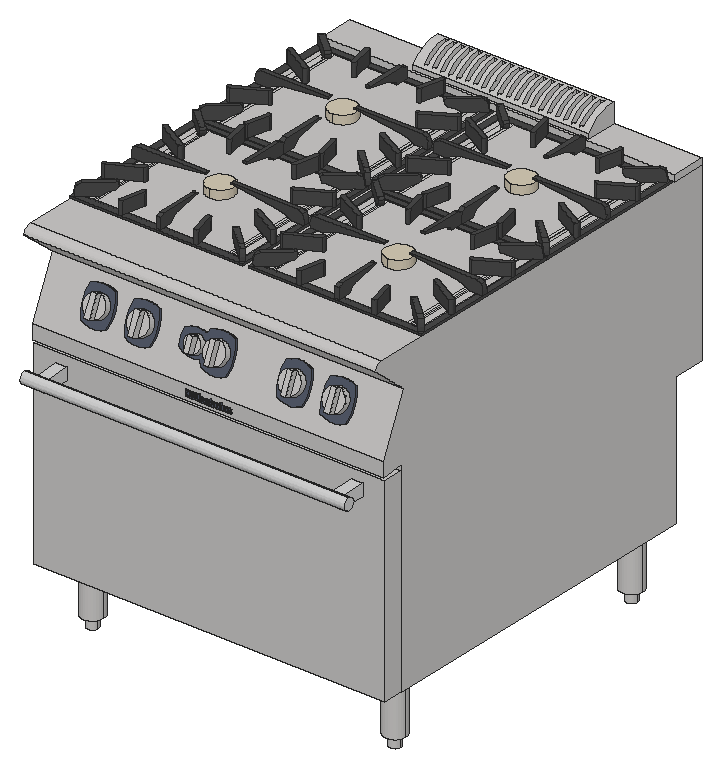
Revit family "QF_ELECTROLUXPROFESSIONAL_391008_E9GCGH4CV", category Specialty Equipment, Revit 2018
Family settings
  Round Connector Dimension = Use Diameter
  Part Type = Normal
  Work Plane-Based = No
  Always vertical = Yes
  Cut with Voids When Loaded = No
  Shared = No
  Room Calculation Point = No
Parameters
  Weight in Pounds = 115
  Watts = 0 W
  Volts = 230 V
  URL Cutsheet = "www.electrolux.com"
  URL = "www.electrolux.com"
  Type Mark [instance] = ""
  Status [instance] = ""
  Specification by User [instance] = ""
  Specification by Manufacturer = ""
  Show Logo [instance] = yes
  Show Clearance [instance] = yes
  Serial Number = ""
  Seismic Rating = ""
  SMACNA No = ""
  Revision Code [instance] = ""
  Phase = 1
  Omniclass Number and Title = ""
  Number of Poles [instance] = 1
  NAFEM Spec ID Number = ""
  Model = "391008"
  Min Ckt Ampacity = 0 A
  Mechanical Remarks [instance] = ""
  Mechanical Connection Type [instance] = ""
  Max Overcurrent Protection = 0 A
  Masterspec = ""
  Manufacturer = "ELECTROLUX"
  Item Number [instance] = ""
  Installed By [instance] = ""
  Identify Quantity as Lot [instance] = yes
  HP = "0.3 HP"
  Gas Size = 1/2"
  Gas RI Height [instance] = 0 mm
  Gas KW [instance] = 38.5
  Gas Input [instance] = 131247.0 Btu/h
  Gas Connection Height = 0 mm
  Furnished By [instance] = ""
  Foodservice Equipment Identifier [instance] = yes
  FL Amps = Watts / Volts  # 0 A
  Electrical Remarks [instance] = ""
  Electric Connection Type [instance] = ""
  Elec Conn RI Height [instance] = 0 mm
  Elec Conn Connection Height [instance] = 0 mm
  Direct Waste Size = 0"
  Description = "900XP 4 GAS BURNERS 6kW ON CONVECTION OVEN"
  Cycle = 50 Hz
  Conn Plug = ""
  Conn Conduit = yes
  CSI MasterFormat = ""
  CSI Master Format = ""
  Apparent Power = if(Phase = 3, Volts * FL Amps * 1.73, Volts * FL Amps)  # 0 VA
Reference planes
  plane 1 "BACK": y = 0
  plane 2: z = 0
  plane 3 "LEFT": x = 0
  plane 4 "RIGHT": x = 800.1
  plane 5 "FRONT": y = -930.275
  plane 6 "TOP": z = 908.05
  plane 7 "Center Y": x = 400.05
  plane 8 "Center X": y = -465.137
  plane 9: z = 150
  plane 10: z = 1397
  plane 11: y = -80.962
  plane 12: z = 850
  plane 13: x = 56
  plane 14: x = 744.1
  plane 15: y = -128
  plane 16: y = -802
  plane 17: y = -1306
  plane 18: y = -900
  plane 19: x = 552.1
  plane 20: x = 757.1
Forms (mm)
  Extrusion 1, solid, material "QF_Finishes_Stainless Steel"
    sketch origin (0, 0, 0) x (0, 1, 0) y (0, 0, 1)
      loop
        line (0, 450.037) -> (0, 850) -> (-908.015, 850)
        arc (-908.015, 850) -> (-920.592, 845.932) -> (-928.404, 835.268) r 21.476
        line (-928.404, 835.268) -> (-846.681, 765.933) -> (-902.478, 640.576) -> (-902.478, 609.279) -> (-855.054, 613.975)
        arc (-855.054, 613.975) -> (-852.529, 613.227) -> (-851.437, 610.831) r 3.175
        line (-851.437, 610.831) -> (-851.437, 150) -> (-71.438, 150) -> (-71.438, 450.037) -> (0, 450.037)
    from 0 to 800.1
  Extrusion 2, solid, material "QF_Finishes_Stainless Steel"
    sketch origin (0, 0, 0) x (0, 1, 0) y (0, 0, 1)
      loop
        line (0, 850) -> (0, 864.288) -> (-76.2, 864.288) -> (-76.2, 850) -> (0, 850)
    from 0 to 800.1
  Extrusion 3, void
    sketch origin (-65.011, 0, 865.138) x (-1, 0, 0) y (0, -1, 0)
      loop
        line (-295.005, 6.761) -> (-285.709, 6.761) -> (-285.709, 63.911) -> (-295.005, 63.911) -> (-295.005, 6.761)
      loop
        line (-313.697, 6.761) -> (-304.401, 6.761) -> (-304.401, 63.911) -> (-313.697, 63.911) -> (-313.697, 6.761)
      loop
        line (-332.39, 6.761) -> (-323.094, 6.761) -> (-323.094, 63.911) -> (-332.39, 63.911) -> (-332.39, 6.761)
      loop
        line (-351.082, 6.761) -> (-341.787, 6.761) -> (-341.787, 63.911) -> (-351.082, 63.911) -> (-351.082, 6.761)
      loop
        line (-369.775, 6.761) -> (-360.479, 6.761) -> (-360.479, 63.911) -> (-369.775, 63.911) -> (-369.775, 6.761)
      loop
        line (-388.468, 6.761) -> (-379.172, 6.761) -> (-379.172, 63.911) -> (-388.468, 63.911) -> (-388.468, 6.761)
      loop
        line (-407.16, 6.761) -> (-397.864, 6.761) -> (-397.864, 63.911) -> (-407.16, 63.911) -> (-407.16, 6.761)
      loop
        line (-425.853, 6.761) -> (-416.557, 6.761) -> (-416.557, 63.911) -> (-425.853, 63.911) -> (-425.853, 6.761)
      loop
        line (-444.545, 6.761) -> (-435.25, 6.761) -> (-435.25, 63.911) -> (-444.545, 63.911) -> (-444.545, 6.761)
      loop
        line (-463.238, 6.761) -> (-453.942, 6.761) -> (-453.942, 63.911) -> (-463.238, 63.911) -> (-463.238, 6.761)
      loop
        line (-481.493, 6.761) -> (-472.635, 6.761) -> (-472.635, 63.911) -> (-481.493, 63.911) -> (-481.493, 6.761)
      loop
        line (-500.186, 6.761) -> (-490.89, 6.761) -> (-490.89, 63.911) -> (-500.186, 63.911) -> (-500.186, 6.761)
      loop
        line (-518.878, 6.761) -> (-509.583, 6.761) -> (-509.583, 63.911) -> (-518.878, 63.911) -> (-518.878, 6.761)
      loop
        line (-537.571, 6.761) -> (-528.275, 6.761) -> (-528.275, 63.911) -> (-537.571, 63.911) -> (-537.571, 6.761)
      loop
        line (-556.264, 6.761) -> (-546.968, 6.761) -> (-546.968, 63.911) -> (-556.264, 63.911) -> (-556.264, 6.761)
      loop
        line (-574.956, 6.761) -> (-565.66, 6.761) -> (-565.66, 63.911) -> (-574.956, 63.911) -> (-574.956, 6.761)
      loop
        line (-593.649, 6.761) -> (-584.353, 6.761) -> (-584.353, 63.911) -> (-593.649, 63.911) -> (-593.649, 6.761)
      loop
        line (-612.341, 6.761) -> (-603.046, 6.761) -> (-603.046, 63.911) -> (-612.341, 63.911) -> (-612.341, 6.761)
      loop
        line (-631.034, 6.761) -> (-621.738, 6.761) -> (-621.738, 63.911) -> (-631.034, 63.911) -> (-631.034, 6.761)
      loop
        line (-649.727, 6.761) -> (-640.431, 6.761) -> (-640.431, 63.911) -> (-649.727, 63.911) -> (-649.727, 6.761)
    from 9.525 to 45.348
  Extrusion 4, solid, material "QF_Finishes_Stainless Steel"
    sketch origin (400.05, 175.397, 1219.2) x (0, 1, 0) y (0, 0, 1)
      loop
        line (-175.397, -354.912) -> (-175.397, -311.2)
        arc (-175.397, -311.2) -> (-214.469, -319.821) -> (-245.247, -345.387) r 84.854
        line (-245.247, -345.387) -> (-245.247, -354.912) -> (-175.397, -354.912)
    from -200.05 to 199.95
  Extrusion 5, solid, material "QF_Finishes_Navy Blue"
    sketch origin (0, -879.281, 692.691) x (0, -0.406642, -0.913587) y (1, 0, 0)
      loop
        arc (-53.776, 198.651) -> (-18.194, 191.027) -> (17.514, 198.034) r 90.5
        arc (17.514, 198.034) -> (24.34, 227.222) -> (17.514, 256.409) r 65.817
        arc (17.514, 256.409) -> (-18.193, 263.369) -> (-53.776, 255.797) r 91.066
        arc (-53.776, 255.797) -> (-60.332, 227.224) -> (-53.776, 198.651) r 65.546
      loop
        arc (-53.776, 98.651) -> (-18.194, 91.027) -> (17.514, 98.034) r 90.5
        arc (17.514, 98.034) -> (24.34, 127.222) -> (17.514, 156.409) r 65.817
        arc (17.514, 156.409) -> (-18.193, 163.369) -> (-53.776, 155.797) r 91.066
        arc (-53.776, 155.797) -> (-60.332, 127.224) -> (-53.776, 98.651) r 65.546
      loop
        arc (-53.776, 601.786) -> (-60.332, 573.214) -> (-53.776, 544.641) r 65.546
        arc (-53.776, 544.641) -> (-18.193, 537.068) -> (17.514, 544.028) r 91.066
        arc (17.514, 544.028) -> (24.34, 573.216) -> (17.514, 602.404) r 65.817
        arc (17.514, 602.404) -> (-18.194, 609.411) -> (-53.776, 601.786) r 90.5
      loop
        arc (-53.776, 701.349) -> (-60.237, 672.995) -> (-53.776, 644.641) r 65.451
        arc (-53.776, 644.641) -> (-18.194, 637.032) -> (17.514, 644.025) r 90.665
        arc (17.514, 644.025) -> (24.245, 672.997) -> (17.514, 701.969) r 65.722
        arc (17.514, 701.969) -> (-18.195, 709.01) -> (-53.776, 701.349) r 90.1
      loop
        arc (-40.159, 316.707) -> (-21.848, 313.911) -> (-3.351, 314.901) r 90.5
        arc (-3.351, 314.901) -> (6.915, 339.94) -> (6.238, 366.994) r 65.817
        arc (6.238, 366.994) -> (11.94, 368.741) -> (17.514, 370.86) r 90.5
        arc (17.514, 370.86) -> (24.34, 400.048) -> (17.514, 429.235) r 65.817
        arc (17.514, 429.235) -> (-18.193, 436.195) -> (-53.776, 428.623) r 91.066
        arc (-53.776, 428.623) -> (-60.332, 400.05) -> (-53.776, 371.477) r 65.546
        arc (-53.776, 371.477) -> (-49.379, 369.684) -> (-44.894, 368.124) r 90.5
        arc (-44.894, 368.124) -> (-47.802, 341.929) -> (-40.159, 316.707) r 65.546
    from 0 to 3.175
  Extrusion 6, solid, material "QF_Finishes_Stainless Steel"
    sketch origin (0, -882.182, 693.982) x (0, -0.406642, -0.913587) y (1, 0, 0)
      loop
        circle (-18.131, 227.457) r 25.4
      loop
        circle (-18.131, 127.457) r 25.4
      loop
        circle (-18.131, 572.543) r 25.4
      loop
        circle (-18.131, 672.543) r 25.4
      loop
        circle (-18.131, 349.957) r 19.05
      loop
        circle (-18.131, 400.05) r 25.4
    from 0 to 12.7
  Extrusion 7, solid, material "QF_Finishes_Stainless Steel"
    sketch origin (0, -893.785, 699.146) x (0, -0.406642, -0.913587) y (1, 0, 0)
      loop
        arc (-42.863, 233.243) -> (-43.531, 227.457) -> (-42.863, 221.671) r 25.4
        line (-42.863, 221.671) -> (6.601, 221.671)
        arc (6.601, 221.671) -> (7.269, 227.457) -> (6.601, 233.243) r 25.4
        line (6.601, 233.243) -> (-42.863, 233.243)
      loop
        arc (-42.863, 133.243) -> (-43.531, 127.457) -> (-42.863, 121.671) r 25.4
        line (-42.863, 121.671) -> (6.601, 121.671)
        arc (6.601, 121.671) -> (7.269, 127.457) -> (6.601, 133.243) r 25.4
        line (6.601, 133.243) -> (-42.863, 133.243)
      loop
        arc (-34.426, 356.459) -> (-35.24, 350.69) -> (-34.719, 344.887) r 25.4
        line (-34.719, 344.887) -> (-2.956, 344.887)
        arc (-2.956, 344.887) -> (-2.067, 350.647) -> (-2.515, 356.459) r 25.4
        line (-2.515, 356.459) -> (-34.426, 356.459)
      loop
        arc (-42.863, 579.675) -> (-43.531, 573.889) -> (-42.863, 568.102) r 25.4
        line (-42.863, 568.102) -> (6.601, 568.102)
        arc (6.601, 568.102) -> (7.269, 573.889) -> (6.601, 579.675) r 25.4
        line (6.601, 579.675) -> (-42.863, 579.675)
      loop
        arc (-42.863, 679.675) -> (-43.531, 673.889) -> (-42.863, 668.102) r 25.4
        line (-42.863, 668.102) -> (6.601, 668.102)
        arc (6.601, 668.102) -> (7.269, 673.889) -> (6.601, 679.675) r 25.4
        line (6.601, 679.675) -> (-42.863, 679.675)
      loop
        arc (-42.863, 405.836) -> (-43.531, 400.05) -> (-42.863, 394.264) r 25.4
        line (-42.863, 394.264) -> (6.601, 394.264)
        arc (6.601, 394.264) -> (7.269, 400.05) -> (6.601, 405.836) r 25.4
        line (6.601, 405.836) -> (-42.863, 405.836)
    from 0 to 12.7
  Extrusion 8, solid, material "QF_Finishes_Navy Blue", visible <- "Show Logo"
    sketch origin (0, -902.478, 609.279) x (0, 0, 1) y (-1, 0, 0)
      loop
        line (21.268, -357.807) -> (8.901, -357.807)
        arc (8.901, -357.807) -> (15.085, -362.379) -> (21.268, -357.807) r 6.467
      loop
        arc (21.268, -357.178) -> (20.099, -352.035) -> (15.443, -349.557) r 6.338
        line (15.443, -349.557) -> (15.443, -351.603)
        arc (15.443, -351.603) -> (16.927, -355.258) -> (20.372, -357.178) r 5.941
        line (20.372, -357.178) -> (21.268, -357.178)
      loop
        arc (9.797, -357.178) -> (13.242, -355.258) -> (14.726, -351.603) r 5.941
        line (14.726, -351.603) -> (14.726, -349.557)
        arc (14.726, -349.557) -> (10.032, -352.031) -> (8.742, -357.178) r 6.504
        line (8.742, -357.178) -> (9.797, -357.178)
      loop
        line (21.943, -349.088) -> (8.198, -349.088) -> (8.198, -362.851) -> (21.943, -362.851) -> (21.943, -349.088)
      loop
        arc (22.026, -365.819) -> (21.679, -365.461) -> (21.312, -365.799) r 0.358
        arc (21.312, -365.799) -> (20.997, -366.549) -> (20.281, -366.934) r 1.216
        line (20.281, -366.934) -> (9.868, -366.934)
        arc (9.868, -366.934) -> (9.208, -366.657) -> (8.812, -366.06) r 1.238
        arc (8.812, -366.06) -> (8.417, -365.809) -> (8.112, -366.163) r 0.358
        line (8.112, -366.163) -> (8.112, -376.042) -> (10.863, -376.042) -> (10.863, -375.145)
        arc (10.863, -375.145) -> (9.954, -374.565) -> (9.498, -373.588) r 1.928
        line (9.498, -373.588) -> (9.498, -371.089)
        arc (9.498, -371.089) -> (9.774, -370.36) -> (10.462, -369.996) r 1.101
        line (10.462, -369.996) -> (14.549, -369.996) -> (14.549, -373.67)
        arc (14.549, -373.67) -> (14.196, -374.167) -> (13.631, -374.395) r 1.083
        arc (13.631, -374.395) -> (13.367, -374.7) -> (13.659, -374.978) r 0.292
        line (13.659, -374.978) -> (16.621, -374.978)
        arc (16.621, -374.978) -> (16.924, -374.705) -> (16.686, -374.375) r 0.305
        arc (16.686, -374.375) -> (16.195, -374.127) -> (15.89, -373.67) r 1.083
        line (15.89, -373.67) -> (15.89, -369.996) -> (20.567, -369.996) -> (20.567, -373.744)
        arc (20.567, -373.744) -> (20.353, -374.499) -> (19.747, -374.997) r 1.314
        arc (19.747, -374.997) -> (19.527, -375.401) -> (19.882, -375.694) r 0.361
        line (19.882, -375.694) -> (22.026, -375.694) -> (22.026, -365.819)
      loop
        arc (21.309, -376.474) -> (20.928, -377.393) -> (20.01, -377.773) r 1.299
        line (20.01, -377.773) -> (10.431, -377.773)
        arc (10.431, -377.773) -> (9.593, -377.395) -> (9.321, -376.517) r 1.118
        line (9.321, -376.517) -> (8.112, -376.517) -> (8.112, -381.867) -> (9.3, -381.867)
        arc (9.3, -381.867) -> (9.572, -380.95) -> (10.442, -380.554) r 1.153
        line (10.442, -380.554) -> (22.514, -380.554) -> (21.309, -376.474)
      loop
        line (13.077, -384.503) -> (13.077, -390.951) -> (13.876, -390.951)
        arc (13.876, -390.951) -> (16.456, -389.966) -> (17.725, -387.513) r 3.874
        line (17.725, -387.513) -> (17.725, -385.752)
        arc (17.725, -385.752) -> (16.538, -382.887) -> (13.674, -381.701) r 4.051
        line (13.674, -381.701) -> (11.666, -381.701)
        arc (11.666, -381.701) -> (8.847, -383.186) -> (7.795, -386.193) r 4.352
        arc (7.795, -386.193) -> (8.16, -388.656) -> (9.537, -390.73) r 5.713
        line (9.537, -390.73) -> (10.486, -390.73)
        arc (10.486, -390.73) -> (9.754, -389.161) -> (9.537, -387.443) r 5.579
        arc (9.537, -387.443) -> (10.331, -385.48) -> (12.21, -384.503) r 3.057
        line (12.21, -384.503) -> (13.077, -384.503)
      loop
        line (14.336, -384.503) -> (14.336, -388.085)
        arc (14.336, -388.085) -> (15.793, -388.133) -> (16.676, -386.973) r 1.59
        line (16.676, -386.973) -> (16.676, -386.143)
        arc (16.676, -386.143) -> (15.811, -384.888) -> (14.336, -384.503) r 2.184
      loop
        arc (17.127, -400.368) -> (17.616, -398.694) -> (17.773, -396.957) r 9.023
        line (17.773, -396.957) -> (17.773, -395.595)
        arc (17.773, -395.595) -> (16.614, -392.795) -> (13.814, -391.636) r 3.959
        line (13.814, -391.636) -> (11.214, -391.636)
        arc (11.214, -391.636) -> (8.932, -392.928) -> (7.815, -395.301) r 4.331
        line (7.815, -395.301) -> (7.815, -397.436)
        arc (7.815, -397.436) -> (8.323, -398.986) -> (9.245, -400.332) r 5.772
        arc (9.245, -400.332) -> (10.006, -400.383) -> (10.093, -399.624) r 0.553
        arc (10.093, -399.624) -> (9.705, -398.89) -> (9.571, -398.071) r 2.573
        line (9.571, -398.071) -> (9.571, -396.556)
        arc (9.571, -396.556) -> (10.577, -394.915) -> (12.392, -394.272) r 2.884
        line (12.392, -394.272) -> (13.67, -394.272)
        arc (13.67, -394.272) -> (15.492, -394.832) -> (16.418, -396.497) r 2.554
        line (16.418, -396.497) -> (16.418, -397.55)
        arc (16.418, -397.55) -> (16.087, -398.478) -> (15.43, -399.213) r 2.564
        arc (15.43, -399.213) -> (15.208, -399.93) -> (15.817, -400.368) r 0.643
        line (15.817, -400.368) -> (17.127, -400.368)
      loop
        line (16.109, -400.638) -> (16.109, -402.139) -> (10.061, -402.139)
        arc (10.061, -402.139) -> (8.473, -402.797) -> (7.815, -404.385) r 2.246
        line (7.815, -404.385) -> (7.815, -405.969)
        arc (7.815, -405.969) -> (8.129, -406.834) -> (8.629, -407.605) r 4.06
        arc (8.629, -407.605) -> (9.362, -407.738) -> (9.613, -407.037) r 0.576
        arc (9.613, -407.037) -> (9.507, -406.512) -> (9.571, -405.979) r 1.69
        arc (9.571, -405.979) -> (10.113, -405.191) -> (11.019, -404.888) r 1.506
        line (11.019, -404.888) -> (16.157, -404.888) -> (16.157, -407.285) -> (16.713, -407.842) -> (17.535, -407.842) -> (17.535, -404.982) -> (20.766, -404.982) -> (16.109, -400.638)
      loop
        line (8.032, -408.739) -> (8.032, -414.126) -> (9.142, -414.126)
        arc (9.142, -414.126) -> (9.536, -413.175) -> (10.487, -412.781) r 1.345
        line (10.487, -412.781) -> (14.103, -412.781)
        arc (14.103, -412.781) -> (14.868, -413.373) -> (15.157, -414.295) r 1.615
        line (15.157, -414.295) -> (15.157, -415.851) -> (17.713, -416.536) -> (17.713, -415.153) -> (15.771, -412.594) -> (17.651, -412.594) -> (17.367, -409.888)
        arc (17.367, -409.888) -> (16.927, -409.358) -> (16.268, -409.559) r 0.621
        arc (16.268, -409.559) -> (15.868, -409.901) -> (15.374, -410.084) r 1.501
        line (15.374, -410.084) -> (10.487, -410.084)
        arc (10.487, -410.084) -> (9.536, -409.69) -> (9.142, -408.739) r 1.345
        line (9.142, -408.739) -> (8.032, -408.739)
      loop
        line (14.134, -416.073) -> (11.442, -416.073)
        arc (11.442, -416.073) -> (8.996, -417.381) -> (7.863, -419.912) r 4.288
        arc (7.863, -419.912) -> (7.799, -421.292) -> (7.863, -422.672) r 15.022
        arc (7.863, -422.672) -> (8.996, -425.203) -> (11.442, -426.51) r 4.288
        line (11.442, -426.51) -> (14.134, -426.51)
        arc (14.134, -426.51) -> (16.579, -425.203) -> (17.713, -422.672) r 4.288
        arc (17.713, -422.672) -> (17.777, -421.292) -> (17.713, -419.912) r 15.022
        arc (17.713, -419.912) -> (16.579, -417.381) -> (14.134, -416.073) r 4.288
      loop
        line (14.339, -419.187) -> (11.237, -419.187)
        arc (11.237, -419.187) -> (9.08, -421.344) -> (11.237, -423.501) r 2.157
        line (11.237, -423.501) -> (14.339, -423.501)
        arc (14.339, -423.501) -> (16.496, -421.344) -> (14.339, -419.187) r 2.157
      loop
        arc (21.32, -426.369) -> (20.949, -427.263) -> (20.055, -427.633) r 1.264
        line (20.055, -427.633) -> (10.191, -427.633)
        arc (10.191, -427.633) -> (9.321, -427.236) -> (9.049, -426.32) r 1.153
        line (9.049, -426.32) -> (8.112, -426.32) -> (8.112, -431.428) -> (9.04, -431.428)
        arc (9.04, -431.428) -> (9.399, -430.656) -> (10.191, -430.341) r 1.153
        line (10.191, -430.341) -> (22.514, -430.341) -> (21.32, -426.369)
      loop
        arc (16.44, -430.966) -> (16.241, -432.03) -> (15.272, -432.512) r 1.215
        line (15.272, -432.512) -> (10.252, -432.512)
        arc (10.252, -432.512) -> (8.637, -433.16) -> (7.916, -434.743) r 2.338
        line (7.916, -434.743) -> (7.916, -436.257)
        arc (7.916, -436.257) -> (8.091, -437.261) -> (8.593, -438.147) r 2.979
        line (8.593, -438.147) -> (8.112, -439.944) -> (8.112, -441.633) -> (17.537, -441.633) -> (17.243, -437.429) -> (16.457, -437.429)
        arc (16.457, -437.429) -> (16.101, -438.265) -> (15.349, -438.774) r 1.605
        line (15.349, -438.774) -> (10.246, -438.774)
        arc (10.246, -438.774) -> (9.826, -437.837) -> (9.753, -436.813) r 2.94
        arc (9.753, -436.813) -> (10.314, -435.712) -> (11.467, -435.269) r 1.724
        line (11.467, -435.269) -> (17.664, -435.269) -> (16.44, -430.966)
      loop
        line (17.468, -442.486) -> (15.796, -444.532) -> (12.622, -446.838) -> (9.166, -443.726)
        arc (9.166, -443.726) -> (8.928, -443.332) -> (8.951, -442.873) r 0.789
        line (8.951, -442.873) -> (8.112, -442.873) -> (8.112, -446.418) -> (8.938, -446.418)
        arc (8.938, -446.418) -> (9.28, -446.056) -> (9.77, -446.148) r 0.52
        line (9.77, -446.148) -> (11.57, -447.619) -> (9.452, -448.995)
        arc (9.452, -448.995) -> (9.051, -448.685) -> (8.964, -448.185) r 0.7
        line (8.964, -448.185) -> (8.112, -448.185) -> (8.112, -454.112) -> (8.998, -454.112)
        arc (8.998, -454.112) -> (9.065, -453.453) -> (9.46, -452.922) r 1.247
        line (9.46, -452.922) -> (13.66, -449.641) -> (16.107, -451.694) -> (17.468, -453.436) -> (17.468, -449.713) -> (15.983, -450.135) -> (14.462, -448.858) -> (16.162, -447.668) -> (17.468, -448.445) -> (17.468, -442.486)
    from 0 to 1.644
  Extrusion 9, solid, material "QF_Finishes_Stainless Steel"
    sketch origin (0, -851.437, 610.831) x (0, 0, -1) y (1, 0, 0)
      loop
        line (460.056, 0) -> (460.056, 800) -> (9.61, 800) -> (9.61, 0) -> (460.056, 0)
    from 3.175 to 48.563
  Extrusion 10, solid, material "QF_Door-Drawer Clearances", visible <- "Show Clearance", detail levels coarse
    sketch origin (800, -851.437, 150.775) x (0, 0, 1) y (0, -1, 0)
      loop
        line (0, 454.563) -> (0, 48.563) -> (450.635, 48.563)
        arc (450.635, 48.563) -> (295.559, 329.527) -> (0, 454.563) r 490.707
    from 0 to -800
  Extrusion 11, solid, material "QF_Finishes_Stainless Steel"
    sketch origin (0, 0, 450.037) x (-1, 0, 0) y (0, 1, 0)
      loop
        circle (-757.1, -30) r 6.4
    from 0 to 43.224
  Extrusion 12, solid, material "QF_Clearances", visible <- "Show Clearance", detail levels coarse
    sketch origin (0, 0, 0) x (1, 0, 0) y (0, 1, 0)
      loop
        line (-100.013, -930.275) -> (0, -930.275) -> (0, 0) -> (800.1, 0) -> (800.1, -930.275) -> (900.113, -930.275) -> (900.113, 100.013) -> (-100.013, 100.013) -> (-100.013, -930.275)
    from 0 to 908.05
  Revolve 13, solid, material "QF_Finishes_Stainless Steel"
    sketch origin (800.1, -128, 611.731) x (0, 0, -1) y (1, 0, 0)
      loop
        line (461.731, -56) -> (611.731, -56) -> (611.731, -43.3) -> (586.331, -43.3) -> (586.331, -30.6) -> (461.731, -30.6) -> (461.731, -56)
      axis (611.731, -56) -> (461.731, -56)
    angle from 0 to 360
  Revolve 14, solid, material "QF_Finishes_Stainless Steel"
    sketch origin (111.125, -128, 611.731) x (0, 0, -1) y (1, 0, 0)
      loop
        line (461.731, -55.125) -> (611.731, -55.125) -> (611.731, -42.425) -> (586.331, -42.425) -> (586.331, -29.725) -> (461.731, -29.725) -> (461.731, -55.125)
      axis (611.731, -55.125) -> (461.731, -55.125)
    angle from 0 to 360
  Revolve 15, solid, material "QF_Finishes_Stainless Steel"
    sketch origin (800.1, -802, 611.731) x (0, 0, -1) y (1, 0, 0)
      loop
        line (461.731, -56) -> (611.731, -56) -> (611.731, -43.3) -> (586.331, -43.3) -> (586.331, -30.6) -> (461.731, -30.6) -> (461.731, -56)
      axis (611.731, -56) -> (461.731, -56)
    angle from 0 to 360
  Revolve 16, solid, material "QF_Finishes_Stainless Steel"
    sketch origin (111.125, -802, 611.731) x (0, 0, -1) y (1, 0, 0)
      loop
        line (461.731, -55.125) -> (611.731, -55.125) -> (611.731, -42.425) -> (586.331, -42.425) -> (586.331, -29.725) -> (461.731, -29.725) -> (461.731, -55.125)
      axis (611.731, -55.125) -> (461.731, -55.125)
    angle from 0 to 360
  Extrusion 17, solid, material "QF_Finishes_Handrails and Railings"
    sketch origin (50.8, -1067.312, 150) x (0, 0, 1) y (0, 1, 0)
      loop
        circle (420.409, 103.146) r 12.7
    from 19.875 to -718.375
  Extrusion 18, solid, material "QF_Finishes_Handrails and Railings"
    sketch origin (800, -1067.312, 150) x (0, 0, 1) y (0, -1, 0)
      loop
        line (429.101, -167.312) -> (426.396, -114.347)
        arc (426.396, -114.347) -> (412.589, -113.153) -> (408.093, -100.044) r 12.7
        arc (408.093, -100.044) -> (407.276, -100.585) -> (406.501, -101.183) r 13.441
        arc (406.501, -101.183) -> (405.055, -102.989) -> (404.435, -105.216) r 5.77
        line (404.435, -105.216) -> (401.092, -167.312) -> (429.101, -167.312)
    from -50.7 to -76.1
  Extrusion 19, solid, material "QF_Finishes_Handrails and Railings"
    sketch origin (0.1, -1067.312, 150) x (0, 0, 1) y (0, 1, 0)
      loop
        line (429.101, 167.312) -> (401.092, 167.312) -> (404.435, 105.216)
        arc (404.435, 105.216) -> (405.055, 102.989) -> (406.501, 101.183) r 5.77
        arc (406.501, 101.183) -> (407.276, 100.585) -> (408.093, 100.044) r 13.441
        arc (408.093, 100.044) -> (412.589, 113.153) -> (426.396, 114.347) r 12.7
        line (426.396, 114.347) -> (429.101, 167.312)
    from -50.7 to -76.1
  Extrusion 20, solid, material "QF_Finishes_Stainless Steel"
    sketch origin (0, -71.438, 450.037) x (0, 0, -1) y (-1, 0, 0)
      loop
        line (1.273, -216.311) -> (1.273, -583.689) -> (125.038, -583.689) -> (125.038, -216.311) -> (1.273, -216.311)
    from 0 to 69
  Extrusion 21, solid, material "QF_Finishes_Stainless Steel"
    sketch origin (0, -71.438, 450.037) x (0, 0, -1) y (-1, 0, 0)
      loop
        circle (258.038, -757.1) r 12.7
    from 0 to 3.2
  Extrusion 22, solid, material "QF_Finishes_Stainless Steel"
    sketch origin (0, -851.437, 150) x (1, 0, 0) y (0, -1, 0)
      loop
        circle (757.1, -277.437) r 12.7
    from 0 to 3.2
  Extrusion 23, solid, material "QF_Finishes_Stainless Steel"
    sketch origin (0, -71.438, 325) x (0, -1, 0) y (-1, 0, 0)
      loop
        circle (-41.437, -552.1) r 6.35
    from 0 to 5
  Extrusion 24, solid, material "QF_Finishes_Stainless Steel"
    sketch origin (0, -71.438, 450.037) x (0, 0, -1) y (-1, 0, 0)
      loop
        circle (140.038, -552.1) r 12.7
    from 0 to 12.437
Cuts and joins
  Extrusion 3 cuts Extrusion 4
Lines and regions (mm)
  Split face 1
    outline origin (0, -846.681, 765.933) x (0, -0.406642, -0.913587) y (1, 0, 0)
      loop
        line (41.496, 272.231) -> (81.496, 272.231) -> (81.496, 297.231) -> (41.496, 297.231) -> (41.496, 272.231)
  Split face 2
    outline origin (0, -846.681, 765.933) x (0, -0.406642, -0.913587) y (1, 0, 0)
      loop
        line (77.496, 293.231) -> (45.496, 293.231) -> (45.496, 276.231) -> (77.496, 276.231) -> (77.496, 293.231)
  symbolic lines, style "QF_Clearances", visible <- "Show Clearance", detail levels coarse
    curve 1: line (-100.013, -930.275, 0) -> (-100.012, 100.013, 0)
    curve 2: line (-100.013, 100.013, 0) -> (900.113, 100.013, 0)
    curve 3: line (900.113, 100.013, 0) -> (900.113, -929.879, 0)
  symbolic lines
    curve 4: line (0, 0, 0) -> (800.1, 0, 0)
    curve 5: line (800.1, 0, 0) -> (800.1, -930.275, 0)
    curve 6: line (0, -930.275, 0) -> (0, 0, 0)
    curve 7: line (0, -76.2, 0) -> (800.1, -76.2, 0)
    curve 8: line (0, -930.275, 0) -> (800.1, -930.275, 0)
  symbolic lines, style "QF_Door-Drawer Clearances"
    curve 9: line (0, -930.275, 0) -> (0, -1306, 0)
    curve 10: line (0, -1306, 0) -> (800, -1306, 0)
    curve 11: line (800, -1306, 0) -> (800, -926, 0)
Dimensions and locks
  equal spacing: plane 3 "LEFT", plane 7 "Center Y", plane 4 "RIGHT"
  plane 3 "LEFT" to plane 4 "RIGHT" = 800.1 mm
  equal spacing: plane 5 "FRONT", plane 8 "Center X", plane 1 "BACK"
  plane 5 "FRONT" to plane 1 "BACK" = 930.275 mm  (x3)
  plane 6 "TOP" to plane 2 = 908.05 mm
  plane 9 to plane 2 = 150 mm
  plane 10 to plane 2 = 1397 mm
  plane 6 "TOP" to plane 12 = 58.05 mm  (x2)
  plane 12 to plane 2 = 850 mm  (x2)
  plane 3 "LEFT" to plane 13 = 56 mm
  plane 4 "RIGHT" to plane 14 = 56 mm
  plane 15 to plane 1 "BACK" = 128 mm
  plane 16 to plane 15 = 674 mm
  Extrusion 1 sketch curve to plane 1 "BACK" = 71.438 mm
  Extrusion 1 sketch curve to plane 9 = 300.037 mm
  Extrusion 11 sketch curve to plane 4 "RIGHT" = 43 mm
  Extrusion 11 sketch curve to plane 1 "BACK" = 30 mm
  Extrusion 11 to plane 2 = 406.813 mm
  plane 17 to plane 1 "BACK" = 1306 mm
  plane 18 to plane 1 "BACK" = 900 mm
  plane 18 to plane 16 = 98 mm
  plane 9 to Extrusion 1 = 300.037 mm
  Extrusion 20 to plane 2 = 325 mm
  plane 4 "RIGHT" to plane 19 = 248 mm
  plane 4 "RIGHT" to plane 20 = 43 mm
  plane 13 to plane 14 = 688.1 mm
  Extrusion 22 sketch curve to plane 1 "BACK" = 574 mm
  Extrusion 22 sketch curve to plane 4 "RIGHT" = 43 mm
  aligned and locked: level to plane 2
  aligned and locked: Extrusion 1 to plane 4 "RIGHT"
  aligned and locked: Extrusion 2 to plane 4 "RIGHT"
  aligned and locked: Extrusion 10 to Extrusion 9
  aligned and locked: plane 6 "TOP" to Extrusion 12
Automatic sketch dimensions
  Extrusion 1 sketch curve to plane 12 = 0 mm
  Extrusion 1 sketch curve to plane 9 = 0 mm
  Extrusion 1 sketch curve to plane 1 "BACK" = 0 mm
  plane 16 to Extrusion 1 sketch curve = 44.681 mm
  plane 18 to Extrusion 1 sketch curve = 48.563 mm
  Extrusion 1 sketch curve to Extrusion 1 sketch curve = 3.175 mm
  Extrusion 1 sketch curve to Extrusion 1 sketch curve = 0.442 mm
  Extrusion 1 sketch curve to plane 18 = 2.478 mm
  Extrusion 1 sketch curve to plane 18 = 8.015 mm
  Extrusion 1 sketch curve to plane 5 "FRONT" = 1.871 mm
  Extrusion 1 sketch curve to plane 12 = 240.721 mm
  Extrusion 1 sketch curve to Extrusion 1 sketch curve = 1.552 mm
  Extrusion 1 sketch curve to Extrusion 1 sketch curve = 31.298 mm
  Extrusion 1 sketch curve to plane 12 = 84.067 mm
  Extrusion 1 sketch curve to Extrusion 1 sketch curve = 21.476 mm
  Extrusion 2 sketch curve to plane 12 = 0 mm
  Extrusion 2 sketch curve to plane 1 "BACK" = 0 mm
  plane 11 to Extrusion 2 sketch curve = 4.763 mm
  plane 12 to Extrusion 2 sketch curve = 14.288 mm
  plane 11 to Extrusion 3 sketch curve = 17.052 mm  (x19)
  Extrusion 3 sketch curve to plane 14 = 159.384 mm
  Extrusion 3 sketch curve to Extrusion 3 sketch curve = 9.296 mm  (x19)
  Extrusion 3 sketch curve to Extrusion 3 sketch curve = 9.397 mm  (x18)
  plane 7 "Center Y" to Extrusion 3 sketch curve = 7.574 mm
  Extrusion 3 sketch curve to plane 7 "Center Y" = 1.823 mm
  Extrusion 3 sketch curve to Extrusion 3 sketch curve = 0 mm
  plane 1 "BACK" to Extrusion 3 sketch curve = 6.761 mm  (x20)
  Extrusion 4 sketch curve to plane 1 "BACK" = 0 mm
  plane 1 "BACK" to Extrusion 4 sketch curve = 1.769 mm
  plane 11 to Extrusion 4 sketch curve = 11.113 mm
  Extrusion 4 sketch curve to plane 12 = 26.835 mm
  plane 12 to Extrusion 4 sketch curve = 14.288 mm
  Extrusion 4 sketch curve to Extrusion 4 sketch curve = 9.525 mm
  Revolve 13 sketch curve to plane 14 = 0 mm  (x2)
  Revolve 13 sketch curve to plane 9 = 0 mm
  Revolve 13 sketch curve to level = 0 mm
  Revolve 13 sketch curve to Revolve 13 sketch curve = 32.525 mm
  Revolve 13 sketch curve to Revolve 13 sketch curve = 50.8 mm
  level to Revolve 13 sketch curve = 25.4 mm
  Revolve 13 sketch curve to Revolve 13 sketch curve = 12.7 mm
  Revolve 13 sketch curve to Revolve 13 sketch curve = 25.4 mm
  plane 13 to Revolve 14 sketch curve = 0 mm  (x2)
  Revolve 14 sketch curve to plane 9 = 0 mm
  Revolve 14 sketch curve to level = 0 mm
  Revolve 14 sketch curve to Revolve 14 sketch curve = 32.525 mm
  Revolve 14 sketch curve to Revolve 14 sketch curve = 50.8 mm
  level to Revolve 14 sketch curve = 25.4 mm
  Revolve 14 sketch curve to plane 13 = 12.7 mm
  Revolve 14 sketch curve to plane 13 = 25.4 mm
  Revolve 15 sketch curve to plane 14 = 0 mm  (x2)
  Revolve 15 sketch curve to plane 9 = 0 mm
  Revolve 15 sketch curve to level = 0 mm
  Revolve 15 sketch curve to Revolve 15 sketch curve = 32.525 mm
  Revolve 15 sketch curve to Revolve 15 sketch curve = 50.8 mm
  level to Revolve 15 sketch curve = 25.4 mm
  Revolve 15 sketch curve to Revolve 15 sketch curve = 12.7 mm
  Revolve 15 sketch curve to Revolve 15 sketch curve = 25.4 mm
  plane 13 to Revolve 16 sketch curve = 0 mm  (x2)
  Revolve 16 sketch curve to plane 9 = 0 mm
  Revolve 16 sketch curve to level = 0 mm
  Revolve 16 sketch curve to Revolve 16 sketch curve = 32.525 mm
  Revolve 16 sketch curve to Revolve 16 sketch curve = 50.8 mm
  level to Revolve 16 sketch curve = 25.4 mm
  Revolve 16 sketch curve to Revolve 16 sketch curve = 12.7 mm
  Revolve 16 sketch curve to Revolve 16 sketch curve = 25.4 mm
  Extrusion 18 sketch curve to plane 18 = 0 mm
  Extrusion 18 sketch curve to plane 12 = 298.908 mm
  plane 5 "FRONT" to Extrusion 18 sketch curve = 31.821 mm
  Extrusion 18 sketch curve to Extrusion 18 sketch curve = 3.343 mm
  Extrusion 18 sketch curve to Extrusion 18 sketch curve = 2.066 mm
  Extrusion 18 sketch curve to Extrusion 18 sketch curve = 0 mm  (x2)
  Extrusion 18 sketch curve to Extrusion 18 sketch curve = 1.593 mm
  Extrusion 18 sketch curve to Extrusion 18 sketch curve = 5.756 mm
  Extrusion 18 sketch curve to Extrusion 18 sketch curve = 4.906 mm
  Extrusion 18 sketch curve to Extrusion 18 sketch curve = 5.312 mm
  plane 5 "FRONT" to Extrusion 18 sketch curve = 22.691 mm
  Extrusion 18 sketch curve to Extrusion 18 sketch curve = 11.3 mm
  Extrusion 18 sketch curve to Extrusion 18 sketch curve = 28.009 mm
  Extrusion 18 sketch curve to Extrusion 18 sketch curve = 2.83 mm
  Extrusion 19 sketch curve to plane 18 = 0 mm
  Extrusion 19 sketch curve to plane 12 = 298.908 mm
  plane 5 "FRONT" to Extrusion 19 sketch curve = 31.821 mm
  Extrusion 19 sketch curve to Extrusion 19 sketch curve = 3.343 mm
  Extrusion 19 sketch curve to Extrusion 19 sketch curve = 2.066 mm
  Extrusion 19 sketch curve to Extrusion 19 sketch curve = 0 mm  (x2)
  Extrusion 19 sketch curve to Extrusion 19 sketch curve = 1.593 mm
  Extrusion 19 sketch curve to Extrusion 19 sketch curve = 3.69 mm
  Extrusion 19 sketch curve to Extrusion 19 sketch curve = 4.906 mm
  Extrusion 19 sketch curve to Extrusion 19 sketch curve = 5.312 mm
  plane 5 "FRONT" to Extrusion 19 sketch curve = 22.691 mm
  Extrusion 19 sketch curve to Extrusion 19 sketch curve = 11.3 mm
  Extrusion 19 sketch curve to Extrusion 19 sketch curve = 28.009 mm
  Extrusion 19 sketch curve to Extrusion 19 sketch curve = 11.2 mm
  Extrusion 8 sketch curve to Extrusion 1 = 2.755 mm
  Extrusion 8 sketch curve to Extrusion 1 = 7.795 mm
  Extrusion 8 sketch curve to Extrusion 1 = 7.815 mm  (x2)
  Extrusion 8 sketch curve to Extrusion 8 sketch curve = 5.108 mm  (x2)
  Extrusion 8 sketch curve to Extrusion 8 sketch curve = 0 mm  (x27)
  Extrusion 8 sketch curve to Extrusion 1 = 7.916 mm
  Extrusion 8 sketch curve to Extrusion 8 sketch curve = 0.218 mm
  Extrusion 8 sketch curve to Extrusion 8 sketch curve = 0.195 mm
  Extrusion 8 sketch curve to Extrusion 8 sketch curve = 0.249 mm
  Extrusion 8 sketch curve to Extrusion 1 = 8.112 mm
  Extrusion 8 sketch curve to Extrusion 8 sketch curve = 0.087 mm
  Extrusion 8 sketch curve to Extrusion 8 sketch curve = 0.358 mm
  Extrusion 8 sketch curve to Extrusion 8 sketch curve = 0.481 mm
  Extrusion 8 sketch curve to Extrusion 8 sketch curve = 0.597 mm
  Extrusion 8 sketch curve to Extrusion 8 sketch curve = 0.544 mm
  Extrusion 8 sketch curve to Extrusion 8 sketch curve = 0.936 mm
  Extrusion 8 sketch curve to Extrusion 8 sketch curve = 0.594 mm
  Extrusion 8 sketch curve to Extrusion 8 sketch curve = 0.343 mm
  Extrusion 8 sketch curve to Extrusion 8 sketch curve = 0.159 mm
  Extrusion 8 sketch curve to Extrusion 8 sketch curve = 0.826 mm
  Extrusion 8 sketch curve to Extrusion 8 sketch curve = 0.839 mm
  Extrusion 8 sketch curve to Extrusion 8 sketch curve = 0.852 mm
  Extrusion 8 sketch curve to Extrusion 8 sketch curve = 0.887 mm
  Extrusion 8 sketch curve to Extrusion 8 sketch curve = 0.928 mm
  Extrusion 8 sketch curve to Extrusion 8 sketch curve = 0.938 mm
  Extrusion 8 sketch curve to Extrusion 8 sketch curve = 0.444 mm
  Extrusion 8 sketch curve to Extrusion 8 sketch curve = 1.11 mm  (x3)
  Extrusion 8 sketch curve to Extrusion 8 sketch curve = 0.215 mm
  Extrusion 8 sketch curve to Extrusion 8 sketch curve = 1.43 mm
  Extrusion 8 sketch curve to Extrusion 8 sketch curve = 1.188 mm
  Extrusion 8 sketch curve to Extrusion 8 sketch curve = 1.21 mm  (x2)
  Extrusion 8 sketch curve to Extrusion 8 sketch curve = 0.503 mm
  Extrusion 8 sketch curve to Extrusion 8 sketch curve = 0.488 mm
  Extrusion 8 sketch curve to Extrusion 8 sketch curve = 0.462 mm
  Extrusion 8 sketch curve to Extrusion 8 sketch curve = 1.386 mm
  Extrusion 8 sketch curve to Extrusion 8 sketch curve = 1.742 mm  (x2)
  Extrusion 8 sketch curve to Extrusion 8 sketch curve = 0.821 mm
  Extrusion 8 sketch curve to Extrusion 8 sketch curve = 0.497 mm
  Extrusion 8 sketch curve to Extrusion 8 sketch curve = 0.539 mm
  Extrusion 8 sketch curve to Extrusion 8 sketch curve = 0.199 mm
  Extrusion 8 sketch curve to Extrusion 8 sketch curve = 0.408 mm
  Extrusion 8 sketch curve to Extrusion 8 sketch curve = 0.743 mm
  Extrusion 8 sketch curve to Extrusion 8 sketch curve = 1.16 mm
  Extrusion 8 sketch curve to Extrusion 8 sketch curve = 0.329 mm
  Extrusion 8 sketch curve to Extrusion 8 sketch curve = 1.054 mm
  Extrusion 8 sketch curve to Extrusion 8 sketch curve = 1.056 mm
  Extrusion 8 sketch curve to Extrusion 8 sketch curve = 0.129 mm
  Extrusion 8 sketch curve to Extrusion 8 sketch curve = 0.489 mm
  Extrusion 8 sketch curve to Extrusion 8 sketch curve = 0.441 mm
  Extrusion 8 sketch curve to Extrusion 8 sketch curve = 1.151 mm
  Extrusion 8 sketch curve to Extrusion 8 sketch curve = 1.141 mm  (x2)
  Extrusion 8 sketch curve to Extrusion 8 sketch curve = 0.768 mm
  Extrusion 8 sketch curve to Extrusion 8 sketch curve = 1.653 mm
  Extrusion 8 sketch curve to Extrusion 8 sketch curve = 0.499 mm
  Extrusion 8 sketch curve to Extrusion 8 sketch curve = 0.964 mm
  Extrusion 8 sketch curve to Extrusion 8 sketch curve = 0.949 mm
  Extrusion 8 sketch curve to Extrusion 8 sketch curve = 1.345 mm  (x3)
  Extrusion 8 sketch curve to Extrusion 8 sketch curve = 1.101 mm
  Extrusion 8 sketch curve to Extrusion 8 sketch curve = 0.432 mm
  Extrusion 8 sketch curve to Extrusion 8 sketch curve = 1.142 mm
  Extrusion 8 sketch curve to Extrusion 8 sketch curve = 0.959 mm
  Extrusion 8 sketch curve to Extrusion 8 sketch curve = 0.176 mm
  Extrusion 8 sketch curve to Extrusion 8 sketch curve = 0.728 mm
  Extrusion 8 sketch curve to Extrusion 8 sketch curve = 3.375 mm  (x2)
  Extrusion 8 sketch curve to Extrusion 8 sketch curve = 0.541 mm
  Extrusion 8 sketch curve to Extrusion 8 sketch curve = 0.955 mm
  Extrusion 8 sketch curve to Extrusion 8 sketch curve = 1.251 mm
  Extrusion 8 sketch curve to Extrusion 8 sketch curve = 0.572 mm
  Extrusion 8 sketch curve to Extrusion 8 sketch curve = 1.92 mm
  Extrusion 8 sketch curve to Extrusion 8 sketch curve = 1.224 mm
  Extrusion 8 sketch curve to Extrusion 8 sketch curve = 0.745 mm
  Extrusion 8 sketch curve to Extrusion 8 sketch curve = 2.537 mm
  Extrusion 8 sketch curve to Extrusion 8 sketch curve = 0.896 mm  (x3)
  Extrusion 8 sketch curve to Extrusion 8 sketch curve = 0.036 mm
  Extrusion 8 sketch curve to Extrusion 8 sketch curve = 2.607 mm
  Extrusion 8 sketch curve to Extrusion 8 sketch curve = 0.066 mm
  Extrusion 8 sketch curve to Extrusion 8 sketch curve = 0.248 mm
  Extrusion 8 sketch curve to Extrusion 8 sketch curve = 0.449 mm
  Extrusion 8 sketch curve to Extrusion 8 sketch curve = 1.052 mm
  Extrusion 8 sketch curve to Extrusion 8 sketch curve = 1.863 mm
  Extrusion 8 sketch curve to Extrusion 8 sketch curve = 1.31 mm  (x2)
  Extrusion 8 sketch curve to Extrusion 8 sketch curve = 0.901 mm
  Extrusion 8 sketch curve to Extrusion 8 sketch curve = 1.107 mm
  Extrusion 8 sketch curve to Extrusion 8 sketch curve = 2.122 mm
  Extrusion 8 sketch curve to Extrusion 8 sketch curve = 2.101 mm
  Extrusion 8 sketch curve to Extrusion 8 sketch curve = 0.106 mm
  Extrusion 8 sketch curve to Extrusion 8 sketch curve = 0.029 mm
  Extrusion 8 sketch curve to Extrusion 8 sketch curve = 2.09 mm
  Extrusion 8 sketch curve to Extrusion 8 sketch curve = 1.279 mm
  Extrusion 8 sketch curve to Extrusion 8 sketch curve = 2.008 mm
  Extrusion 8 sketch curve to Extrusion 8 sketch curve = 0.738 mm
  Extrusion 8 sketch curve to Extrusion 8 sketch curve = 0.382 mm
  Extrusion 8 sketch curve to Extrusion 8 sketch curve = 0.384 mm
  Extrusion 8 sketch curve to Extrusion 8 sketch curve = 0.002 mm
  Extrusion 8 sketch curve to Extrusion 8 sketch curve = 0.561 mm
  Extrusion 8 sketch curve to Extrusion 8 sketch curve = 0.592 mm
  Extrusion 8 sketch curve to Extrusion 8 sketch curve = 2.692 mm
  Extrusion 8 sketch curve to Extrusion 8 sketch curve = 1.259 mm
  Extrusion 8 sketch curve to Extrusion 8 sketch curve = 0.802 mm
  Extrusion 8 sketch curve to Extrusion 8 sketch curve = 1.024 mm  (x2)
  Extrusion 8 sketch curve to Extrusion 8 sketch curve = 0.682 mm
  Extrusion 8 sketch curve to Extrusion 8 sketch curve = 5.934 mm
  Extrusion 8 sketch curve to Extrusion 8 sketch curve = 2.186 mm
  Extrusion 8 sketch curve to Extrusion 8 sketch curve = 0.337 mm
  Extrusion 8 sketch curve to Extrusion 8 sketch curve = 0.021 mm
  Extrusion 8 sketch curve to Extrusion 8 sketch curve = 1.005 mm
  Extrusion 8 sketch curve to Extrusion 8 sketch curve = 0.552 mm
  Extrusion 8 sketch curve to Extrusion 8 sketch curve = 0.778 mm
  Extrusion 8 sketch curve to Extrusion 8 sketch curve = 0.063 mm
  Extrusion 8 sketch curve to Extrusion 8 sketch curve = 1.023 mm
  Extrusion 8 sketch curve to Extrusion 8 sketch curve = 3.804 mm
  Extrusion 8 sketch curve to Extrusion 8 sketch curve = 0.486 mm
  Extrusion 8 sketch curve to Extrusion 8 sketch curve = 0.266 mm
  Extrusion 8 sketch curve to Extrusion 8 sketch curve = 1.547 mm
  Extrusion 8 sketch curve to Extrusion 8 sketch curve = 0.717 mm  (x2)
  Extrusion 8 sketch curve to Extrusion 8 sketch curve = 1.667 mm
  Extrusion 8 sketch curve to Extrusion 8 sketch curve = 3.174 mm
  Extrusion 8 sketch curve to Extrusion 8 sketch curve = 0.388 mm
  Extrusion 8 sketch curve to Extrusion 8 sketch curve = 1.342 mm
  Extrusion 8 sketch curve to Extrusion 8 sketch curve = 1.521 mm
  Extrusion 8 sketch curve to Extrusion 8 sketch curve = 0.124 mm
  Extrusion 8 sketch curve to Extrusion 8 sketch curve = 0.291 mm
  Extrusion 8 sketch curve to Extrusion 8 sketch curve = 1.049 mm  (x2)
  Extrusion 8 sketch curve to Extrusion 8 sketch curve = 1.7 mm
  Extrusion 8 sketch curve to Extrusion 8 sketch curve = 0.894 mm
  Extrusion 8 sketch curve to Extrusion 8 sketch curve = 0.989 mm
  Extrusion 8 sketch curve to Extrusion 8 sketch curve = 1.168 mm
  Extrusion 8 sketch curve to Extrusion 8 sketch curve = 1.594 mm
  Extrusion 8 sketch curve to Extrusion 8 sketch curve = 0.731 mm
  Extrusion 8 sketch curve to Extrusion 8 sketch curve = 1.566 mm
  Extrusion 8 sketch curve to Extrusion 8 sketch curve = 0.064 mm
  Extrusion 8 sketch curve to Extrusion 8 sketch curve = 0.556 mm  (x2)
  Extrusion 8 sketch curve to Extrusion 8 sketch curve = 0.48 mm
  Extrusion 8 sketch curve to Extrusion 8 sketch curve = 1.018 mm
  Extrusion 8 sketch curve to Extrusion 8 sketch curve = 0.787 mm
  Extrusion 8 sketch curve to Extrusion 8 sketch curve = 0.618 mm
  Extrusion 8 sketch curve to Extrusion 8 sketch curve = 1.672 mm
  Extrusion 8 sketch curve to Extrusion 8 sketch curve = 1.361 mm
  Extrusion 8 sketch curve to Extrusion 8 sketch curve = 0.822 mm
  Extrusion 8 sketch curve to Extrusion 8 sketch curve = 0.069 mm
  Extrusion 8 sketch curve to Extrusion 8 sketch curve = 1.88 mm
  Extrusion 8 sketch curve to Extrusion 8 sketch curve = 0.42 mm
  Extrusion 8 sketch curve to Extrusion 8 sketch curve = 0.062 mm
  Extrusion 8 sketch curve to Extrusion 8 sketch curve = 1.355 mm
  Extrusion 8 sketch curve to Extrusion 8 sketch curve = 2.34 mm
  Extrusion 8 sketch curve to Extrusion 8 sketch curve = 0.493 mm
  Extrusion 8 sketch curve to Extrusion 8 sketch curve = 0.136 mm
  Extrusion 8 sketch curve to Extrusion 8 sketch curve = 0.128 mm
  Extrusion 8 sketch curve to Extrusion 8 sketch curve = 3.616 mm
  Extrusion 8 sketch curve to Extrusion 8 sketch curve = 4.207 mm
  Extrusion 8 sketch curve to Extrusion 8 sketch curve = 0.183 mm
  Extrusion 8 sketch curve to Extrusion 8 sketch curve = 0.895 mm
  Extrusion 8 sketch curve to Extrusion 8 sketch curve = 1.314 mm
  Extrusion 8 sketch curve to Extrusion 8 sketch curve = 3.231 mm
  Extrusion 8 sketch curve to Extrusion 8 sketch curve = 1.299 mm
  Extrusion 8 sketch curve to Extrusion 8 sketch curve = 1.214 mm
  Extrusion 8 sketch curve to Extrusion 8 sketch curve = 1.264 mm
  Extrusion 8 sketch curve to Extrusion 8 sketch curve = 0.109 mm
  Extrusion 8 sketch curve to Extrusion 8 sketch curve = 0.357 mm
  Extrusion 8 sketch curve to Extrusion 8 sketch curve = 0.565 mm
  Extrusion 8 sketch curve to Extrusion 8 sketch curve = 2.504 mm
  Extrusion 8 sketch curve to Extrusion 8 sketch curve = 2.459 mm
  Extrusion 1 to Extrusion 8 sketch curve = 345.988 mm
  Extrusion 8 sketch curve to Extrusion 8 sketch curve = 0.208 mm
  Extrusion 8 sketch curve to Extrusion 8 sketch curve = 0.468 mm  (x2)
  Extrusion 8 sketch curve to Extrusion 8 sketch curve = 1.559 mm
  Extrusion 8 sketch curve to Extrusion 8 sketch curve = 0.422 mm  (x2)
  Extrusion 8 sketch curve to Extrusion 8 sketch curve = 0.494 mm
  Extrusion 8 sketch curve to Extrusion 8 sketch curve = 3.927 mm
  Extrusion 8 sketch curve to Extrusion 8 sketch curve = 0.782 mm
  Extrusion 8 sketch curve to Extrusion 8 sketch curve = 1.268 mm
  Extrusion 8 sketch curve to Extrusion 8 sketch curve = 0.671 mm
  Extrusion 8 sketch curve to Extrusion 8 sketch curve = 0.777 mm
  Extrusion 8 sketch curve to Extrusion 8 sketch curve = 0.704 mm
  Extrusion 8 sketch curve to Extrusion 8 sketch curve = 0.781 mm  (x2)
  Extrusion 8 sketch curve to Extrusion 8 sketch curve = 1.634 mm
  Extrusion 8 sketch curve to Extrusion 8 sketch curve = 0.132 mm
  Extrusion 8 sketch curve to Extrusion 8 sketch curve = 3.136 mm
  Extrusion 8 sketch curve to Extrusion 8 sketch curve = 2.422 mm
  Extrusion 8 sketch curve to Extrusion 8 sketch curve = 0.586 mm
  Extrusion 8 sketch curve to Extrusion 8 sketch curve = 2.046 mm  (x2)
  Extrusion 8 sketch curve to Extrusion 8 sketch curve = 1.241 mm
  Extrusion 8 sketch curve to Extrusion 8 sketch curve = 1.689 mm
  Extrusion 8 sketch curve to Extrusion 8 sketch curve = 2.859 mm
  Extrusion 8 sketch curve to Extrusion 8 sketch curve = 0.627 mm
  Extrusion 8 sketch curve to Extrusion 8 sketch curve = 0.863 mm
  Extrusion 8 sketch curve to Extrusion 8 sketch curve = 0.419 mm
  Extrusion 8 sketch curve to Extrusion 8 sketch curve = 1.514 mm
  Extrusion 8 sketch curve to Extrusion 8 sketch curve = 1.019 mm
  Extrusion 8 sketch curve to Extrusion 8 sketch curve = 0.065 mm
  Extrusion 8 sketch curve to Extrusion 8 sketch curve = 1.215 mm
  Extrusion 8 sketch curve to Extrusion 8 sketch curve = 2.708 mm
  Extrusion 8 sketch curve to Extrusion 8 sketch curve = 1.122 mm
  Extrusion 8 sketch curve to Extrusion 8 sketch curve = 1.153 mm
  Extrusion 8 sketch curve to Extrusion 8 sketch curve = 3.009 mm
  Extrusion 8 sketch curve to Extrusion 8 sketch curve = 0.829 mm  (x2)
  Extrusion 8 sketch curve to Extrusion 8 sketch curve = 0.934 mm
  Extrusion 8 sketch curve to Extrusion 8 sketch curve = 3.376 mm
  Extrusion 8 sketch curve to Extrusion 8 sketch curve = 0.222 mm
  Extrusion 8 sketch curve to Extrusion 8 sketch curve = 1.383 mm
  Extrusion 8 sketch curve to Extrusion 8 sketch curve = 1.556 mm
  Extrusion 8 sketch curve to Extrusion 8 sketch curve = 2.559 mm
  Extrusion 8 sketch curve to Extrusion 8 sketch curve = 2.51 mm
  Extrusion 8 sketch curve to Extrusion 8 sketch curve = 0.131 mm
  Extrusion 8 sketch curve to Extrusion 8 sketch curve = 1.717 mm
  Extrusion 8 sketch curve to Extrusion 8 sketch curve = 1.134 mm
  Extrusion 8 sketch curve to Extrusion 8 sketch curve = 0.366 mm
  Extrusion 8 sketch curve to Extrusion 8 sketch curve = 0.094 mm
  Extrusion 8 sketch curve to Extrusion 8 sketch curve = 1.584 mm
  Extrusion 8 sketch curve to Extrusion 8 sketch curve = 1.501 mm
  Extrusion 8 sketch curve to Extrusion 8 sketch curve = 0.27 mm
  Extrusion 8 sketch curve to Extrusion 8 sketch curve = 1.808 mm
  Extrusion 8 sketch curve to Extrusion 8 sketch curve = 0.643 mm
  Extrusion 8 sketch curve to Extrusion 8 sketch curve = 0.916 mm
  Extrusion 8 sketch curve to Extrusion 8 sketch curve = 0.352 mm
  Extrusion 8 sketch curve to Extrusion 8 sketch curve = 0.458 mm
  Extrusion 8 sketch curve to Extrusion 8 sketch curve = 1.282 mm
  Extrusion 8 sketch curve to Extrusion 8 sketch curve = 1.363 mm
  Extrusion 8 sketch curve to Extrusion 8 sketch curve = 0.685 mm
  Extrusion 8 sketch curve to Extrusion 8 sketch curve = 0.905 mm
  Extrusion 8 sketch curve to Extrusion 8 sketch curve = 2.865 mm
  Extrusion 8 sketch curve to Extrusion 8 sketch curve = 0.472 mm
  Extrusion 8 sketch curve to Extrusion 8 sketch curve = 0.101 mm
  Extrusion 8 sketch curve to Extrusion 8 sketch curve = 0.54 mm
  Extrusion 8 sketch curve to Extrusion 8 sketch curve = 0.02 mm
  Extrusion 8 sketch curve to Extrusion 8 sketch curve = 0.582 mm
  Extrusion 8 sketch curve to Extrusion 8 sketch curve = 0.166 mm
  Extrusion 8 sketch curve to Extrusion 8 sketch curve = 0.16 mm
  Extrusion 8 sketch curve to Extrusion 8 sketch curve = 2.781 mm
  Extrusion 8 sketch curve to Extrusion 8 sketch curve = 1.118 mm
  Extrusion 8 sketch curve to Extrusion 8 sketch curve = 0.613 mm
  Extrusion 8 sketch curve to Extrusion 8 sketch curve = 0.361 mm
  Extrusion 8 sketch curve to Extrusion 8 sketch curve = 0.897 mm
  Extrusion 8 sketch curve to Extrusion 8 sketch curve = 0.167 mm
  Extrusion 8 sketch curve to Extrusion 8 sketch curve = 0.292 mm
  Extrusion 8 sketch curve to Extrusion 8 sketch curve = 0.305 mm
  Extrusion 8 sketch curve to Extrusion 8 sketch curve = 1.557 mm
  Extrusion 8 sketch curve to Extrusion 8 sketch curve = 2.499 mm
  Extrusion 8 sketch curve to Extrusion 8 sketch curve = 3.062 mm
  Extrusion 8 sketch curve to Extrusion 8 sketch curve = 2.968 mm
  Extrusion 8 sketch curve to Extrusion 8 sketch curve = 5.044 mm
  Extrusion 8 sketch curve to Extrusion 8 sketch curve = 0.629 mm  (x2)
  Extrusion 8 sketch curve to Extrusion 8 sketch curve = 1.131 mm
  Extrusion 8 sketch curve to Extrusion 8 sketch curve = 0.137 mm
  Extrusion 8 sketch curve to Extrusion 8 sketch curve = 0.027 mm
  Extrusion 8 sketch curve to Extrusion 8 sketch curve = 2.235 mm
  Extrusion 9 sketch curve to Extrusion 1 = 0 mm
  Extrusion 1 to Extrusion 9 sketch curve = 9.61 mm
  Extrusion 9 sketch curve to Extrusion 1 = 0.775 mm
  Extrusion 1 to Extrusion 9 sketch curve = 0.1 mm
  plane 5 "FRONT" to Extrusion 12 sketch curve = 0 mm  (x2)
  plane 1 "BACK" to Extrusion 12 sketch curve = 0 mm
  Extrusion 12 sketch curve to plane 3 "LEFT" = 0 mm
  Extrusion 12 sketch curve to plane 4 "RIGHT" = 0 mm
  Extrusion 12 sketch curve to plane 3 "LEFT" = 100.013 mm
  Extrusion 12 sketch curve to plane 4 "RIGHT" = 100.013 mm
  Extrusion 12 sketch curve to plane 1 "BACK" = 100.013 mm
  Extrusion 20 sketch curve to Extrusion 1 = 1.273 mm
  Extrusion 20 sketch curve to Extrusion 20 sketch curve = 123.765 mm
  Extrusion 1 to Extrusion 20 sketch curve = 216.411 mm
  Extrusion 1 to Extrusion 20 sketch curve = 216.311 mm
  Extrusion 1 to Extrusion 21 sketch curve = 42 mm
  Extrusion 1 to Extrusion 21 sketch curve = 43 mm
  Extrusion 23 sketch curve to Extrusion 20 = 27.563 mm
  Extrusion 23 sketch curve to Extrusion 20 = 31.589 mm
  Extrusion 1 to Split face 1 sketch curve = 41.496 mm
  Split face 1 sketch curve to Split face 1 sketch curve = 40 mm
  Split face 1 sketch curve to Extrusion 1 = 272.231 mm
  Split face 1 sketch curve to Split face 1 sketch curve = 25 mm
  Extrusion 1 to Split face 2 sketch curve = 45.496 mm
  Split face 2 sketch curve to Split face 2 sketch curve = 32 mm
  Split face 2 sketch curve to Extrusion 1 = 276.231 mm
  Split face 2 sketch curve to Split face 2 sketch curve = 17 mm
  Extrusion 5 sketch curve to Extrusion 5 sketch curve = 0 mm  (x12)
  Extrusion 5 sketch curve to plane 7 "Center Y" = 0 mm
  Extrusion 5 sketch curve to plane 7 "Center Y" = 48.195 mm
  Extrusion 5 sketch curve to Extrusion 5 sketch curve = 4.038 mm  (x2)
  plane 19 to Extrusion 5 sketch curve = 92.541 mm
  plane 7 "Center Y" to Extrusion 5 sketch curve = 28.573 mm
  Extrusion 5 sketch curve to plane 14 = 42.751 mm
  Extrusion 5 sketch curve to plane 19 = 7.459 mm
  Extrusion 5 sketch curve to plane 13 = 42.651 mm
  Extrusion 5 sketch curve to Extrusion 5 sketch curve = 8.882 mm
  Extrusion 5 sketch curve to Extrusion 5 sketch curve = 12.3 mm  (x14)
  Extrusion 5 sketch curve to plane 7 "Center Y" = 0.002 mm
  Extrusion 5 sketch curve to Extrusion 5 sketch curve = 17.655 mm
  Extrusion 5 sketch curve to Extrusion 5 sketch curve = 36.365 mm  (x6)
  Extrusion 5 sketch curve to plane 14 = 16.407 mm
  Extrusion 5 sketch curve to plane 13 = 16.307 mm
  Extrusion 5 sketch curve to Extrusion 5 sketch curve = 22.748 mm
  Extrusion 5 sketch curve to Extrusion 5 sketch curve = 27.483 mm
  plane 7 "Center Y" to Extrusion 5 sketch curve = 4.252 mm
  Extrusion 5 sketch curve to Extrusion 5 sketch curve = 24.066 mm
  Extrusion 5 sketch curve to Extrusion 5 sketch curve = 14.06 mm
  Extrusion 5 sketch curve to Extrusion 5 sketch curve = 46.691 mm  (x4)
  Extrusion 5 sketch curve to Extrusion 5 sketch curve = 22.625 mm
  plane 19 to Extrusion 5 sketch curve = 21.114 mm
  Extrusion 5 sketch curve to Extrusion 5 sketch curve = 23.649 mm
  Extrusion 5 sketch curve to Extrusion 5 sketch curve = 11.23 mm
  Extrusion 5 sketch curve to plane 19 = 8.072 mm
  Extrusion 5 sketch curve to Extrusion 5 sketch curve = 11.276 mm
  plane 7 "Center Y" to Extrusion 5 sketch curve = 29.185 mm
  Extrusion 5 sketch curve to Extrusion 5 sketch curve = 25.727 mm
  Extrusion 5 sketch curve to Extrusion 5 sketch curve = 28.57 mm  (x2)
  Extrusion 5 sketch curve to Extrusion 5 sketch curve = 9.217 mm  (x2)
  Extrusion 5 sketch curve to Extrusion 5 sketch curve = 16.51 mm
  Extrusion 5 sketch curve to Extrusion 5 sketch curve = 17.128 mm
  Extrusion 5 sketch curve to Extrusion 5 sketch curve = 30.232 mm
  Extrusion 5 sketch curve to plane 19 = 33.186 mm
  Extrusion 6 sketch curve to Extrusion 6 sketch curve = 0 mm  (x5)
  Extrusion 6 sketch curve to Extrusion 6 sketch curve = 100 mm  (x2)
  Extrusion 6 sketch curve to Extrusion 6 sketch curve = 122.5 mm
  Extrusion 6 sketch curve to Extrusion 6 sketch curve = 50.093 mm
  Extrusion 6 sketch curve to Extrusion 6 sketch curve = 172.493 mm
  Extrusion 7 sketch curve to Extrusion 7 sketch curve = 0 mm  (x10)
  Extrusion 7 sketch curve to Extrusion 7 sketch curve = 9.318 mm
  Extrusion 7 sketch curve to Extrusion 7 sketch curve = 6.977 mm
  Extrusion 7 sketch curve to Extrusion 7 sketch curve = 7.271 mm
  Extrusion 7 sketch curve to Extrusion 7 sketch curve = 24.732 mm  (x8)
  Extrusion 7 sketch curve to Extrusion 7 sketch curve = 17.6 mm
  Extrusion 7 sketch curve to Extrusion 7 sketch curve = 6.893 mm
  Extrusion 7 sketch curve to Extrusion 7 sketch curve = 7.334 mm
  Extrusion 7 sketch curve to Extrusion 7 sketch curve = 49.377 mm
  Extrusion 7 sketch curve to Extrusion 7 sketch curve = 5.159 mm
  Extrusion 7 sketch curve to Extrusion 7 sketch curve = 162.266 mm
  Extrusion 7 sketch curve to Extrusion 7 sketch curve = 5.786 mm  (x2)
  Extrusion 7 sketch curve to Extrusion 7 sketch curve = 88.428 mm
  Extrusion 24 sketch curve to Extrusion 24 sketch curve = 0 mm  (x2)
  Extrusion 1 to Extrusion 24 sketch curve = 172.7 mm
  Extrusion 24 sketch curve to Extrusion 24 sketch curve = 12.7 mm
  Extrusion 1 to Extrusion 24 sketch curve = 248 mm
